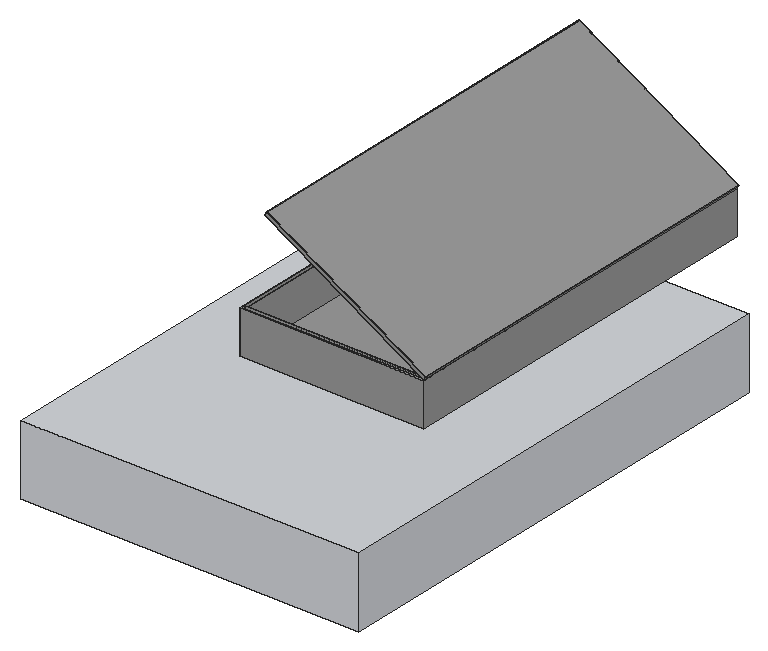
Revit family "Hager-Univers-IP44-D205-H1700-Cl.II-Encl-PL-pl", category Equipement électrique, Revit 2020
Family settings
  Hôte = Face
  Configuration du panneau = Deux colonnes, circuits au sein
  Cote de connecteur circulaire = Utiliser le diamètre
  Type d'élément = Tableau de raccordement
  Couper avec des vides une fois chargée = Non
  Partagée = Non
  Point de calcul de pièce = Non
Parameters (values of type "Montaż natynkowy IP44 S800 W1700 G205  - FP13SN2")
  Width Control [instance] = if([EF000008 - Szerokość] > Min Width, [EF000008 - Szerokość], Min Width)  # 800 mm
  Commentaires du type = [HG000003 - Zakres]  # "Univers"
  Thickness Door [instance] = if([EF009171 - Drzwi/pokrywa z materiału o wysokiej wytrzymałości mechanicznej] > 3 mm, 3 mm, [EF009171 - Drzwi/pokrywa z materiału o wysokiej wytrzymałości mechanicznej])  # 1 mm
  Seal Frame Offset [instance] = 17 mm  # constant formula
  Plinth Visibility [instance] = [HG000027 - Wysokość cokołu] > 0 mm  # no
  Model = ""
  Min Width [instance] = 100 mm  # constant formula
  Min Height [instance] = 100 mm  # constant formula
  Min Depth [instance] = (2 * [EF009170 - Obudowa z materiału o wysokiej wytrzymałości mechanicznej]) + 1 mm  # 3 mm
  Internal Frame Depth [instance] = (Door System Depth * 0.5)  # 9 mm
  Height Control [instance] = if([EF000040 - Wysokość] > Min Height, [EF000040 - Wysokość], Min Height)  # 1700 mm
  HG000027 - Wysokość cokołu = 0 mm
  HG000026 - Stojąca = no
  HG000024 - Wysokość części dolnej = 800 mm
  HG000023 - Obudowa dwusekcyjna = no
  HG000016 - Widoczność drzwi w widoku 3D [instance] = yes
  HG000015 - Przestrzeń robocza - otwarcie drzwi [instance] = no
  HG000014 - Drzwi prawe [instance] = yes
  HG000013 - Drzwi lewe [instance] = not([HG000014 - Drzwi prawe])  # no
  HG000012 - Kąt otwarcia drzwi [instance] = 30.00°
  HG000010 - Drzwi asymetryczne = no
  HG000009 - Drzwi dwuskrzydłowe = no
  HG000006 - Montaż podtynkowy = no
  HG000004 - Referencja producenta = "FP13SN2"
  HG000003 - Zakres = "Univers"
  HG000002 - Z drzwiami lub pokrywą = yes
  Frame Offset Bottom [instance] = 10 mm  # constant formula
  Frame Offset [instance] = 15 mm  # constant formula
  EF015940 - Pokrywa z wyzwalaczem nadciśnieniowym = no
  EF011959 - Stopień ochrony (NEMA) = ""
  EF009554 - Liczba otworów pod flansze = 6
  Fabricant = "Hager"  # constant formula
  EF009212 - Wykonanie pokrywy = "EV000116 - Zamknięty"
  EF009171 - Drzwi/pokrywa z materiału o wysokiej wytrzymałości mechanicznej = 1 mm
  EF009170 - Obudowa z materiału o wysokiej wytrzymałości mechanicznej = 1 mm
  EF008873 - Prąd znamionowy (In) = 400 A
  EF007800 - Do ochrony odgromowej = no
  EF006306 - Z zamkiem = no
  EF006244 - Transparentna pokrywa/drzwi = no
  EF005474 - Stopień ochrony (IP) = "EV006418 - IP44"
  EF004464 - Rodzaj drzwi = "EV002646 - Pojedynczy"
  EF004427 - Liczba modułów = 396
  EF004293 - Odporność udarowa = "EV006815 - IK09"
  EF003532 - Do zastosowań zewnętrznych = no
  EF002950 - Szerokość wyrażona liczbą modułów = 36
  EF001613 - Podtrzymanie funkcji = "EV000494 - Brak"
  EF001596 - Materiał obudowy = "EV000179 - Stal"
  EF001131 - Głębokość wewnętrzna = 143 mm
  EF001088 - Możliwość rozbudowy = yes
  EF000437 - Liczba wejść kablowych = 6
  EF000339 - Rodzaj pokrywy = "EV001012 - Pokrywa"
  EF000266 - Liczba rzędów = 11
  EF000218 - Głębokość wbudowania = 205 mm
  EF000118 - Z płytą montażową = no
  EF000116 - Numer RAL = "9010"
  EF000049 - Głębokość = 205 mm
  EF000040 - Wysokość = 1700 mm
  EF000008 - Szerokość = 800 mm
  EF000007 - Kolor = "EV000202 - Biały"
  EF000003 - Sposób montażu = "EV000384 - Montaż natynkowy"
  Door System Leaf Tolerance [instance] = 1.5 mm  # constant formula
  Door System Depth [instance] = 18 mm  # constant formula
  Door Height [instance] = Height Control - [HG000027 - Wysokość cokołu]  # 1700 mm
  Depth Control [instance] = if([EF000049 - Głębokość] > Min Depth, [EF000049 - Głębokość], Min Depth)  # 205 mm
  Default Elevation = 0 mm
  Connector Offset [instance] = Height Control / 2  # 850 mm
  Bottom Top Plate Trim [instance] = 1.5 mm  # constant formula
  Plinth height Ctrl [instance] = if([HG000027 - Wysokość cokołu] > 0 mm, [HG000027 - Wysokość cokołu], 12 mm)  # 12 mm
Types (5, lengths in mm): name | Width Control | HG000010 - Drzwi asymetryczne | HG000009 - Drzwi dwuskrzydłowe | HG000004 - Referencja producenta | EF009554 - Liczba otworów pod flansze | EF008873 - Prąd znamionowy (In) | EF004464 - Rodzaj drzwi | EF004427 - Liczba modułów | EF002950 - Szerokość wyrażona liczbą modułów | EF000437 - Liczba wejść kablowych | EF000008 - Szerokość
  Montaż natynkowy IP44 S1050 W1700 G205  - FP14SN2 | 1050 | no | yes | "FP14SN2" | 8 | 400 A | "EV003602 - Podwójny" | 528 | 48 | 8 | 1050
  Montaż natynkowy IP44 S1300 W1700 G205  - FP15SN2 | 1300 | yes | yes | "FP15SN2" | 10 | 400 A | "EV003602 - Podwójny" | 660 | 60 | 10 | 1300
  Montaż natynkowy IP44 S300 W1700 G205  - FP11SN2 | 300 | no | no | "FP11SN2" | 2 | 250 A | "EV002646 - Pojedynczy" | 132 | 12 | 2 | 300
  Montaż natynkowy IP44 S550 W1700 G205  - FP12SN2 | 550 | no | no | "FP12SN2" | 4 | 250 A | "EV002646 - Pojedynczy" | 264 | 24 | 4 | 550
  Montaż natynkowy IP44 S800 W1700 G205  - FP13SN2 | 800 | no | no | "FP13SN2" | 6 | 400 A | "EV002646 - Pojedynczy" | 396 | 36 | 6 | 800
Reference planes
  plane 1 "Center (Front/Back)": y = 0
  plane 2: z = 0
  plane 3 "Center (Left/Right)": x = 0
  plane 4: z = 205
  plane 5: y = 1
  plane 6: y = 850
  plane 7: y = 0
  plane 8: y = 1700
  plane 9: z = 0
  plane 10: x = -385
  plane 11: x = 385
  plane 12: x = 384
  plane 13: x = -384
  plane 14: y = 1699
  plane 15: x = -383
  plane 16: x = -400
  plane 17: x = 383
  plane 18: x = 400
  plane 19: x = 399
  plane 20: x = -399
  plane 21: y = 11
  plane 22: y = 1700
  plane 23: y = 1684
  plane 24: z = 187
  plane 25: z = 1
  plane 26: z = 186
  plane 27: z = 204
Forms (mm)
  Extrusion 1, solid
    sketch origin (0, 0, 0) x (1, 0, 0) y (0, 1, 0)
      loop
        line (-702.964, 1305) -> (-702.964, -811.445) -> (766.763, -811.445) -> (766.763, 1305) -> (-702.964, 1305)
    from 0 to -304.8
  Extrusion 2, solid, material "Hager_Steel_RAL7035_Light_Grey", visible <- "Plinth Visibility", detail levels medium+fine
    sketch origin (0, 0, 0) x (1, 0, 0) y (0, 1, 0)
      loop
        line (-400, 0) -> (400, 0) -> (400, 12) -> (-400, 12) -> (-400, 0)
    from 0 to 187
  Extrusion 3, solid, material "Hager_Steel_RAL7035_Light_Grey", detail levels medium+fine
    sketch origin (0, 0, 0) x (1, 0, 0) y (0, 1, 0)
      loop
        line (-400, 0) -> (400, 0) -> (400, 1700) -> (-400, 1700) -> (-400, 0)
    from 0 to 187
  Extrusion 4, void
    sketch origin (0, 0, 0) x (1, 0, 0) y (0, 1, 0)
      loop
        line (-399, 1) -> (399, 1) -> (399, 1699) -> (-399, 1699) -> (-399, 1)
    from 1 to 186
  Extrusion 5, void
    sketch origin (-381.607, -4572, 187) x (0, -1, 0) y (-1, 0, 0)
      loop
        line (-4583, 2.393) -> (-6256, 2.393) -> (-6256, -765.607) -> (-4583, -765.607) -> (-4583, 2.393)
    from 0 to 1 <- "EF009170 - Obudowa z materiału o wysokiej wytrzymałości mechanicznej"
  Extrusion 6, solid, material "Hager_Steel_RAL7035_Light_Grey", detail levels fine
    sketch origin (0, 0, 187) x (1, 0, 0) y (0, 1, 0)
      loop
        line (-384, 1684) -> (-384, 11) -> (384, 11) -> (384, 1684) -> (-384, 1684)
      loop
        line (-385, 10) -> (385, 10) -> (385, 1685) -> (-385, 1685) -> (-385, 10)
    from 0 to 9 <- "Internal Frame Depth"
  Extrusion 7, solid, material "Hager_Steel_RAL7035_Light_Grey", detail levels coarse
    sketch origin (0, 0, 0) x (1, 0, 0) y (0, 1, 0)
      loop
        line (-400, 0) -> (400, 0) -> (400, 1700) -> (-400, 1700) -> (-400, 0)
    from 0 to 205
  Sweep 8, void
    path in 3D
      loop
        line (-400, 12, 0) -> (400, 12, 0) -> (400, 12, 187) -> (-400, 12, 187) -> (-400, 12, 0)
    profile origin (-400, 12, 93.5) x (-1, 0, 0) y (0, -1, 0)
      loop
        line (0, 0) -> (0, 1.5) -> (-1.5, 1.5)
        arc (-1.5, 1.5) -> (-1.061, 0.439) -> (0, 0) r 1.5
Cuts and joins
  Extrusion 4, Extrusion 5 cuts Extrusion 3
  Sweep 8 cuts Extrusion 2
Lines and regions (mm)
  Masking region 1
    outline origin (0, 0, 0) x (1, 0, 0) y (0, 0, 1)
      loop
        line (-400, 205) -> (-400, 0) -> (400, 0) -> (400, 205) -> (-400, 205)
  Masking region 2, detail levels medium+fine
    outline origin (0, 140, 0) x (0, 1, 0) y (0, 0, 1)
      loop
        line (-140, 0) -> (1560, 0) -> (1560, 187) -> (-140, 187) -> (-140, 0)
  Masking region 3, not visible, detail levels medium+fine
    outline origin (0, 297.922, 0) x (0, 1, 0) y (0, 0, 1)
      loop
        line (563.578, 0) -> (603.578, 0) -> (603.578, 194)
        arc (603.578, 194) -> (600.649, 201.071) -> (593.578, 204) r 10
        line (593.578, 204) -> (563.578, 204) -> (563.578, 0)
  Masking region 4, detail levels coarse
    outline origin (0, 0, 180) x (0, 1, 0) y (0, 0, 1)
      loop
        line (0, -180) -> (1700, -180) -> (1700, 25) -> (0, 25) -> (0, -180)
  Masking region 5, visible <- "Plinth Visibility", detail levels medium+fine
    outline origin (0, 52.24, 12.345) x (0, 0, -1) y (0, 1, 0)
      loop
        line (10.845, -40.24) -> (-173.155, -40.24)
        arc (-173.155, -40.24) -> (-173.594, -41.301) -> (-174.655, -41.74) r 1.5
        line (-174.655, -41.74) -> (-174.655, -52.24) -> (12.345, -52.24) -> (12.345, -41.74)
        arc (12.345, -41.74) -> (11.285, -41.301) -> (10.845, -40.24) r 1.5
  Masking region 6, detail levels medium+fine
    outline origin (-381.607, -4572, 187) x (-1, 0, 0) y (0, -1, 0)
      loop
        line (18.393, -6272) -> (18.393, -4572) -> (-781.607, -4572) -> (-781.607, -6272) -> (18.393, -6272)
  Masking region 7, visible <- "Plinth Visibility", detail levels medium+fine
    outline origin (-381.607, -4727, 187) x (-1, 0, 0) y (0, -1, 0)
      loop
        arc (16.893, -4739) -> (17.332, -4737.939) -> (18.393, -4737.5) r 1.5
        line (18.393, -4737.5) -> (18.393, -4727) -> (-781.607, -4727) -> (-781.607, -4737.5)
        arc (-781.607, -4737.5) -> (-780.546, -4737.939) -> (-780.107, -4739) r 1.5
        line (-780.107, -4739) -> (16.893, -4739)
  Masking region 8, detail levels coarse
    outline origin (-442.548, -4669.526, 187) x (-1, 0, 0) y (0, -1, 0)
      loop
        line (-42.548, -6369.526) -> (-42.548, -4669.526) -> (-842.548, -4669.526) -> (-842.548, -6369.526) -> (-42.548, -6369.526)
  sketch lines
    curve 1: line (-400, 12, 187) -> (-400, 12, 0)
    curve 2: line (400, 12, 187) -> (-400, 12, 187)
    curve 3: line (400, 12, 187) -> (400, 12, 0)
    curve 4: line (-400, 12, 0) -> (400, 12, 0)
Dimensions and locks
  "Depth Control": plane 4 to Extrusion 1
  "HG000027 - Wysokość cokołu": plane 1 "Center (Front/Back)" to plane 7
  "EF009170 - Obudowa z materiału o wysokiej wytrzymałości mechanicznej": plane 5 to plane 7
  locked: connector elem to plane 3 "Center (Left/Right)"
  equal spacing: plane 8, plane 6, plane 7
  locked: connector elem to plane 6
  "EF009170 - Obudowa z materiału o wysokiej wytrzymałości mechanicznej": plane 8 to plane 14
  "EF009170 - Obudowa z materiału o wysokiej wytrzymałości mechanicznej": plane 10 to plane 13
  "EF009170 - Obudowa z materiału o wysokiej wytrzymałości mechanicznej": plane 12 to plane 11
  "Frame Offset": plane 20 to plane 13
  "Frame Offset": plane 12 to plane 19
  "EF009170 - Obudowa z materiału o wysokiej wytrzymałości mechanicznej": plane 16 to plane 20
  "EF009170 - Obudowa z materiału o wysokiej wytrzymałości mechanicznej": plane 19 to plane 18
  "Seal Frame Offset": plane 16 to plane 15
  "Seal Frame Offset": plane 17 to plane 18
  "Frame Offset Bottom": plane 21 to plane 5
  "Frame Offset": plane 14 to plane 23
  equal spacing: plane 16, plane 3 "Center (Left/Right)", plane 18
  "Width Control": plane 16 to plane 18
  "EF009170 - Obudowa z materiału o wysokiej wytrzymałości mechanicznej": plane 4 to plane 27
  "EF009170 - Obudowa z materiału o wysokiej wytrzymałości mechanicznej": plane 24 to plane 26
  "EF009170 - Obudowa z materiału o wysokiej wytrzymałości mechanicznej": plane 25 to level
  "Door System Depth": plane 4 to plane 24
  "Height Control": plane 1 "Center (Front/Back)" to Extrusion 7 sketch curve
  "Height Control": Masking region 4 sketch curve to plane 1 "Center (Front/Back)"
  "Height Control": plane 1 "Center (Front/Back)" to plane 22
  "Bottom Top Plate Trim": profile plane to Sweep 8 sketch curve
  "Bottom Top Plate Trim": Sweep 8 sketch curve to profile plane
  "Plinth height Ctrl": plane 1 "Center (Front/Back)" to Extrusion 2 sketch curve
  "Plinth height Ctrl": Masking region 5 sketch curve to plane 1 "Center (Front/Back)"
  "Plinth height Ctrl": plane 1 "Center (Front/Back)" to Masking region 7 sketch curve
  "Thickness Door": Extrusion 6 sketch curve to Extrusion 6 sketch curve  (x3)
  "Thickness Door": cut or joined group of Extrusion 3, Extrusion 4, Extrusion 5 to Extrusion 6 sketch curve
  radius of Masking region 3 sketch curve = 10 mm
  "Bottom Top Plate Trim": radius of Masking region 5 sketch curve  (x2)
  "Bottom Top Plate Trim": radius of Sweep 8 sketch curve
  "Bottom Top Plate Trim": radius of Masking region 7 sketch curve  (x2)
  aligned and locked: plane 2 to Extrusion 1
  aligned and locked: level to Extrusion 1
  aligned and locked: level to Masking region 1 sketch curve
  aligned and locked: Masking region 1 sketch curve to plane 18
  aligned and locked: Masking region 1 sketch curve to plane 16
  aligned and locked: plane 7 to Masking region 2 sketch curve
  aligned and locked: level to Masking region 3 sketch curve
  aligned and locked: Masking region 3 sketch curve to plane 27
  aligned and locked: level to Masking region 2 sketch curve
  aligned and locked: plane 1 "Center (Front/Back)" to Extrusion 2 sketch curve
  aligned and locked: Extrusion 3 sketch curve to plane 7
  aligned and locked: plane 16 to Extrusion 3 sketch curve
  aligned and locked: plane 18 to Extrusion 3 sketch curve
  aligned and locked: plane 20 to Extrusion 4 sketch curve
  aligned and locked: plane 19 to Extrusion 4 sketch curve
  aligned and locked: Extrusion 4 sketch curve to plane 5
  aligned and locked: Extrusion 4 to plane 25
  aligned and locked: plane 26 to Extrusion 4
  aligned and locked: plane 24 to Extrusion 3
  aligned and locked: Extrusion 5 sketch curve to plane 21
  aligned and locked: Extrusion 5 sketch curve to plane 13
  aligned and locked: Extrusion 5 sketch curve to plane 12
  aligned and locked: plane 18 to Extrusion 7 sketch curve
  aligned and locked: plane 1 "Center (Front/Back)" to Extrusion 7 sketch curve
  aligned and locked: plane 16 to Extrusion 7 sketch curve
  aligned and locked: plane 4 to Extrusion 7
  aligned and locked: Extrusion 7 to level
  aligned and locked: level to Masking region 4 sketch curve
  aligned and locked: Masking region 4 sketch curve to plane 1 "Center (Front/Back)"
  aligned and locked: Masking region 4 sketch curve to plane 4
  aligned and locked: nested 1 to level
  aligned and locked: nested 1 to plane 16
  aligned and locked: plane 8 to Extrusion 3 sketch curve
  aligned and locked: plane 23 to Extrusion 5 sketch curve
  aligned and locked: plane 14 to Extrusion 4 sketch curve
  aligned and locked: Masking region 2 sketch curve to plane 8
  aligned and locked: level to Masking region 5 sketch curve
  aligned and locked: plane 16 to Extrusion 2 sketch curve
  aligned and locked: plane 18 to Extrusion 2 sketch curve
  aligned and locked: Masking region 5 sketch curve to plane 24
  aligned and locked: Masking region 2 sketch curve to plane 24
  aligned and locked: plane 24 to Extrusion 2
  aligned and locked: profile plane to Sweep 8 sketch curve  (x2)
  aligned and locked: Masking region 6 sketch curve to plane 18
  aligned and locked: Masking region 6 sketch curve to plane 22
  aligned and locked: Masking region 6 sketch curve to plane 16
  aligned and locked: plane 8 to plane 22
  aligned and locked: Masking region 6 sketch curve to plane 7
  aligned and locked: Masking region 7 sketch curve to plane 16
  aligned and locked: Masking region 7 sketch curve to plane 1 "Center (Front/Back)"
  aligned and locked: Masking region 7 sketch curve to plane 18
  aligned and locked: Masking region 8 sketch curve to plane 1 "Center (Front/Back)"
  aligned and locked: Masking region 8 sketch curve to plane 18
  aligned and locked: Masking region 8 sketch curve to plane 22
  aligned and locked: Masking region 8 sketch curve to plane 16
  aligned and locked: nested 2 to plane 7
  aligned and locked: plane 3 "Center (Left/Right)" to nested 2
  aligned and locked: nested 2 to plane 24
  aligned and locked: Extrusion 6 sketch curve to cut or joined group of Extrusion 3, Extrusion 4, Extrusion 5  (x4)
Automatic sketch dimensions
  Extrusion 1 sketch curve to Extrusion 1 sketch curve = 1469.727 mm
  Extrusion 1 sketch curve to Extrusion 1 sketch curve = 2116.445 mm
  Masking region 1 sketch curve to plane 4 = 0 mm
  plane 6 to Masking region 3 sketch curve = 11.5 mm
  Masking region 3 sketch curve to Masking region 3 sketch curve = 30 mm
  Masking region 5 sketch curve to plane 1 "Center (Front/Back)" = 0 mm
Nested families
  nested 1: "Hager_Enclosure_Symbol" at (-400, 0, 0) x (1, 0, 0) z (0, -1, 0), Height <- "Depth Control", Width <- "Width Control", type "Hager_Enclosure_Symbol"
    with Width_Ctrl 800 mm, Width 800 mm, Height_Ctrl 205 mm, Height 205 mm, A_Width_Int 13.453 mm, A_Width 161.438 mm, A_Height_Ctrl 179.375 mm, A_Height 179.375 mm
  nested 2: "EC000058_Univers_Door" at (0, 0, 187) x (1, 0, 0) z (0, 1, 0), Leaf_Tolerance <- "Door System Leaf Tolerance", Angle <- "HG000012 - Kąt otwarcia drzwi", Door_Depth <- "Door System Depth", Door_Left <- "HG000013 - Drzwi lewe", Transparent <- "EF006244 - Transparentna pokrywa/drzwi", Assymetrical <- "HG000010 - Drzwi asymetryczne", Width <- "Width Control", Clearance <- "HG000015 - Przestrzeń robocza - otwarcie drzwi", Double <- "HG000009 - Drzwi dwuskrzydłowe", 3d_Door <- "HG000016 - Widoczność drzwi w widoku 3D", Lock_Visibility <- "EF006306 - Z zamkiem", Width_Ctrl <- "Width Control", Door_Right <- "HG000014 - Drzwi prawe", Door <- "HG000002 - Z drzwiami lub pokrywą", Height <- "Door Height", Thickness <- "Thickness Door", type "EC000058_Univers_Door", detail levels medium+fine
    with min_wh 3 mm, Width_Ctrl 800 mm, Width 800 mm, Transparent no, Thickness 1 mm, Seal_Material Hager_Rubber, Lock_Visibility no, Lock_Material Hager_Plastic_RAL9005_Jet_Black, Leaf_Width 800 mm, Leaf_Tolerance_External_Sides 0 mm, Leaf_Tolerance 1.5 mm, Leaf_Offset 0 mm, Leaf_Height 1697 mm, Leaf_2_Width 800 mm, Leaf_2_Offset 400 mm, Leaf_1_Width 800 mm, Leaf_1_Offset 400 mm, Height_Ctrl 1700 mm, Height 1700 mm, Glass_Material Hager_Glass, Double_Clearance_Ctrl no, Double no, Door_Right_Ctrl yes, Door_Right yes, Door_Material Hager_Steel_RAL7035_Light_Grey, Door_Left_Ctrl no, Door_Left no, Door_Depth 18 mm, Door yes, Clearance_Material Hager_Clearance, Clearance_Depth 800 mm, Clearance_Ctrl no, Clearance no, Assymetrical no, Angle 30.00°, 3d_Door yes
Connectors
  electrical at (0, 850, 0)
    settings: on plane 9, index 1, voltage 0 V, apparent load 0 VA, apparent load phase1 0 VA, apparent load phase2 0 VA, apparent load phase3 0 VA, power factor 1, load classification "Other", number of poles 1, system type 30, power factor state 1, is connector primary yes, connector utility no, sub classification motor no, connector description ""
Definition of nested family "EC000058_Univers_Door"
  Parameters (values of type "EC000058_Univers_Door")
    min_wh [instance] = (2 * Thickness) + 1 mm  # 11 mm
    Width_Ctrl [instance] = 400 mm
    Width [instance] = 500 mm
    Transparent [instance] = yes
    Thickness [instance] = 5 mm
    Seal_Material [instance] = none
    Lock_Visibility [instance] = yes
    Lock_Material [instance] = none
    Leaf_Width [instance] = if((Width_Ctrl - 2 * Leaf_Tolerance_External_Sides) > 0 mm, (Width_Ctrl - 2 * Leaf_Tolerance_External_Sides), min_wh)  # 400 mm
    Leaf_Tolerance_External_Sides [instance] = 0 mm  # constant formula
    Leaf_Tolerance [instance] = 1.5 mm
    Leaf_Offset [instance] = 0 mm  # constant formula
    Leaf_Height [instance] = if((Height_Ctrl - 2 * Leaf_Tolerance) > 0 mm, (Height_Ctrl - 2 * Leaf_Tolerance), min_wh)  # 497 mm
    Leaf_2_Width [instance] = if(and(and(Double, Assymetrical), Door_Left), (Leaf_Width / 3) - (Leaf_Tolerance / 2), if(and(and(Double, Assymetrical), Door_Right), (Leaf_Width / 3) * 2 - (Leaf_Tolerance / 2), if(and(Double, not(Assymetrical)), (Leaf_Width / 2) - Leaf_Tolerance, Leaf_Width)))  # 400 mm
    Leaf_2_Offset [instance] = if(and(Double, Assymetrical), Leaf_2_Width / 2, if(and(Double, not(Assymetrical)), Leaf_Width / 4, Leaf_Width / 2))  # 200 mm
    Leaf_1_Width [instance] = if(and(and(Double, Assymetrical), Door_Right), (Leaf_Width / 3) - (Leaf_Tolerance / 2), if(and(and(Double, Assymetrical), Door_Left), (Width / 3) * 2 - (Leaf_Tolerance / 2), if(and(Double, not(Assymetrical)), (Leaf_Width / 2) - Leaf_Tolerance, Leaf_Width)))  # 400 mm
    Leaf_1_Offset [instance] = if(and(Double, Assymetrical), Leaf_1_Width / 2, if(and(Double, not(Assymetrical)), Leaf_Width / 4, Leaf_Width / 2))  # 200 mm
    Height_Ctrl [instance] = if(Height > min_wh, Height, min_wh)  # 500 mm
    Height [instance] = 500 mm
    Glass_Material [instance] = none
    Double_Clearance_Ctrl [instance] = and(Double, Clearance)  # no
    Double [instance] = no
    Door_Right_Ctrl [instance] = and(or(Door_Right, Double), Door)  # yes
    Door_Right [instance] = yes
    Door_Material [instance] = none
    Door_Left_Ctrl [instance] = and(or(Door_Left, Double), Door)  # no
    Door_Left [instance] = no
    Door_Depth [instance] = 30 mm
    Door [instance] = yes
    Default Elevation = 1219.2 mm
    Clearance_Material [instance] = none
    Clearance_Depth [instance] = if(Leaf_1_Width > Leaf_2_Width, Leaf_1_Width, Leaf_2_Width)  # 400 mm
    Clearance_Ctrl [instance] = and(not(Double), Clearance)  # yes
    Clearance [instance] = yes
    Assymetrical [instance] = yes
    Angle [instance] = 30.00°
    3d_Door [instance] = yes
  Reference planes
    plane 1 "Center (Front/Back)": y = 0
    plane 2 "Bottom": z = 0
    plane 3 "Center (Left/Right)": x = 0
    plane 4: z = 500
    plane 5: x = -200
    plane 6: x = 200
    plane 7: z = 500
    plane 8: x = -200
    plane 9: z = 0
    plane 10: x = 200
    plane 11: y = 0
    plane 12: z = 1.5
    plane 13: x = -600
    plane 14: y = -400
    plane 15: x = 600
    plane 16: x = 0
    plane 17: x = 0
    plane 18: x = -200
    plane 19: x = 200
    plane 20: z = 498.5
  Forms (mm)
    Extrusion 1, solid, material <- "Clearance_Material", visible <- "Double_Clearance_Ctrl"
      sketch origin (1200, 0, 0) x (1, 0, 0) y (0, 0, -1)
        loop
          line (-1800, -498.5) -> (-600, -498.5) -> (-600, 0) -> (-1800, 0) -> (-1800, -498.5)
      from 0 to -400
  Dimensions and locks
    equal spacing: plane 5, plane 3 "Center (Left/Right)", plane 6
    "Width_Ctrl": plane 5 to plane 6
    "Leaf_Offset": plane 5 to plane 8
    "Leaf_Offset": plane 6 to plane 10
    "Leaf_Offset": plane 9 to level
    "Leaf_Offset": plane 4 to plane 7
    "Height_Ctrl": plane 4 to level
    "Leaf_Tolerance": plane 12 to plane 9
    locked: plane 11 to plane 1 "Center (Front/Back)"
    "Leaf_1_Offset": plane 18 to plane 16
    "Leaf_2_Offset": plane 17 to plane 19
    "Leaf_1_Width": plane 13 to plane 8
    "Leaf_2_Width": plane 10 to plane 15
    "Clearance_Depth": plane 14 to plane 1 "Center (Front/Back)"
    "Leaf_Tolerance_External_Sides": plane 8 to plane 18
    "Leaf_Tolerance_External_Sides": plane 19 to plane 10
    "Leaf_Tolerance": plane 7 to plane 20
    aligned and locked: level to plane 2 "Bottom"
    aligned and locked: nested 1 to plane 16
    aligned and locked: nested 2 to plane 17
    aligned and locked: Extrusion 1 to plane 13
    aligned and locked: plane 15 to Extrusion 1
    aligned and locked: Extrusion 1 to plane 14
    aligned and locked: plane 12 to nested 1
    aligned and locked: nested 2 to plane 12
    aligned and locked: Extrusion 1 to plane 11
    aligned and locked: plane 20 to Extrusion 1
    aligned and locked: nested 2 to plane 11
    aligned and locked: nested 1 to plane 11
  Automatic sketch dimensions
    Extrusion 1 sketch curve to level = 0 mm
    plane 5 to Extrusion 1 sketch curve = 400 mm
    plane 6 to Extrusion 1 sketch curve = 400 mm
    Extrusion 1 sketch curve to plane 4 = 1.5 mm
  Nested families
    nested 1: "EC000058_Univers_Door_Leaf" at (0, 0, 1.5), Width <- "Leaf_1_Width", visible <- "Door_Left_Ctrl", Leaf_Height <- "Leaf_Height", Angle <- "Angle", 3d_Door <- "3d_Door", Transparent <- "Transparent", Clearance Material <- "Clearance_Material", Clearance <- "Clearance_Ctrl", Door_Material <- "Door_Material", Glass_Material <- "Glass_Material", Door_Depth <- "Door_Depth", Lock_Material <- "Lock_Material", Seal_Material <- "Seal_Material", Lock_Visibility <- "Lock_Visibility", Thickness <- "Thickness", type "EC000058_Univers_Door_Leaf"
      with Width 400 mm, Transparent_Glass_Offset 30 mm, Transparent_Ctrl yes, Transparent yes, Thickness 5 mm, Standard no, Seal_Material none, Seal_D2 8 mm, Seal_D1 1 mm, Offset_Internal_Frame 10 mm, Lock_Width 20 mm, Lock_Visibility_3d yes, Lock_Visibility yes, Lock_Thickness_3 3 mm, Lock_Thickness_2 1 mm, Lock_Thickness_1 3 mm, Lock_Radius_Offset_2 16 mm, Lock_Radius_Offset_1 15 mm, Lock_Radius_2 5 mm, Lock_Radius 6 mm, Lock_Offset 5 mm, Lock_Material none, Lock_Height 80 mm, Lock_Cover_Top_Offset_2d 17 mm, Lock_Cover_Height -65 mm, Leaf_Height 497 mm, Internal_Seal_Thickness 8 mm, Internal_Seal_Depth_2 4.5 mm, Internal_Frame_Depth 25 mm, Glass_Thickness -1 mm, Glass_Offset -2 mm, Glass_Material none, Door_Material none, Door_Depth 30 mm, Clearance Material none, Clearance yes, Angle_Ctrl 30.00°, Angle 30.00°, 3d_Door yes
    nested 2: "EC000058_Univers_Door_Leaf" at (0, 0, 1.5) x (-1, 0, 0) z (0, 0, 1), Width <- "Leaf_2_Width", visible <- "Door_Right_Ctrl", Leaf_Height <- "Leaf_Height", Angle <- "Angle", 3d_Door <- "3d_Door", Transparent <- "Transparent", Clearance Material <- "Clearance_Material", Clearance <- "Clearance_Ctrl", Door_Material <- "Door_Material", Glass_Material <- "Glass_Material", Door_Depth <- "Door_Depth", Lock_Material <- "Lock_Material", Seal_Material <- "Seal_Material", Lock_Visibility <- "Lock_Visibility", Thickness <- "Thickness", type "EC000058_Univers_Door_Leaf"
      with Width 400 mm, Transparent_Glass_Offset 30 mm, Transparent_Ctrl yes, Transparent yes, Thickness 5 mm, Standard no, Seal_Material none, Seal_D2 8 mm, Seal_D1 1 mm, Offset_Internal_Frame 10 mm, Lock_Width 20 mm, Lock_Visibility_3d yes, Lock_Visibility yes, Lock_Thickness_3 3 mm, Lock_Thickness_2 1 mm, Lock_Thickness_1 3 mm, Lock_Radius_Offset_2 16 mm, Lock_Radius_Offset_1 15 mm, Lock_Radius_2 5 mm, Lock_Radius 6 mm, Lock_Offset 5 mm, Lock_Material none, Lock_Height 80 mm, Lock_Cover_Top_Offset_2d 17 mm, Lock_Cover_Height -65 mm, Leaf_Height 497 mm, Internal_Seal_Thickness 8 mm, Internal_Seal_Depth_2 4.5 mm, Internal_Frame_Depth 25 mm, Glass_Thickness -1 mm, Glass_Offset -2 mm, Glass_Material none, Door_Material none, Door_Depth 30 mm, Clearance Material none, Clearance yes, Angle_Ctrl 30.00°, Angle 30.00°, 3d_Door yes
  Definition of nested family "EC000058_Univers_Door_Leaf"
    Parameters (values of type "EC000058_Univers_Door_Leaf")
      Width [instance] = 2000 mm
      Transparent_Glass_Offset [instance] = 30 mm
      Transparent_Ctrl [instance] = and(Transparent, [3d_Door])  # yes
      Transparent [instance] = yes
      Thickness [instance] = 5 mm
      Standard [instance] = and(not(Transparent), [3d_Door])  # no
      Seal_Material [instance] = none
      Seal_D2 [instance] = 8 mm  # constant formula
      Seal_D1 [instance] = 1 mm  # constant formula
      Offset_Internal_Frame [instance] = 10 mm  # constant formula
      Lock_Width [instance] = 20 mm  # constant formula
      Lock_Visibility_3d [instance] = and(Lock_Visibility, [3d_Door])  # yes
      Lock_Visibility [instance] = yes
      Lock_Thickness_3 [instance] = 3 mm  # constant formula
      Lock_Thickness_2 [instance] = 1 mm  # constant formula
      Lock_Thickness_1 [instance] = 3 mm  # constant formula
      Lock_Radius_Offset_2 [instance] = Lock_Radius_Offset_1 + 1 mm  # 16 mm
      Lock_Radius_Offset_1 [instance] = 15 mm  # constant formula
      Lock_Radius_2 [instance] = Lock_Radius - 1 mm  # 5 mm
      Lock_Radius [instance] = 6 mm  # constant formula
      Lock_Offset [instance] = 5 mm  # constant formula
      Lock_Material [instance] = none
      Lock_Height [instance] = 80 mm  # constant formula
      Lock_Cover_Top_Offset_2d [instance] = Lock_Radius_Offset_2 + 1 mm  # 17 mm
      Lock_Cover_Height [instance] = -(Lock_Height - Lock_Radius_Offset_1)  # -65 mm
      Leaf_Height [instance] = 2720.336 mm
      Internal_Seal_Thickness [instance] = 8 mm  # constant formula
      Internal_Seal_Depth_2 [instance] = 4.5 mm  # constant formula
      Internal_Frame_Depth [instance] = if(Door_Depth - Thickness > 5 mm, Door_Depth - Thickness, 5 mm)  # 25 mm
      Glass_Thickness [instance] = if(Thickness > 15 mm, Glass_Offset + 10 mm, -1 mm)  # -1 mm
      Glass_Offset [instance] = if(Thickness > 15 mm, -(Thickness + 10 mm) / 2, -2 mm)  # -2 mm
      Glass_Material [instance] = none
      Door_Material [instance] = none
      Door_Depth [instance] = 30 mm
      Default Elevation = 0 mm
      Clearance Material [instance] = none
      Clearance [instance] = yes
      Angle_Ctrl [instance] = if(Angle > 180.00°, 180.00°, Angle)  # 90.00°
      Angle [instance] = 90.00°
      3d_Door [instance] = yes
    Reference planes
      plane 1 "Center (Front/Back)": y = 0
      plane 2: z = 0
      plane 3 "Center (Left/Right)": x = 0
      plane 4: y = 2000
      plane 5: x = -1000
      plane 6: x = 1000
      plane 7: x = -3000
      plane 8: z = 2720.336
      plane 9: z = 30
      plane 10: z = 2690.336
      plane 11: x = 970
      plane 12: x = -970
      plane 13: y = -3
      plane 14: z = 107.833
      plane 15: y = -5
      plane 16: y = -223.314
      plane 17: x = -1000
      plane 18: z = 1360.168
      plane 19: y = 30
    Forms (mm)
      Extrusion 1, solid, material <- "Clearance Material", visible <- "Clearance"
        sketch origin (0, 0, 0) x (1, 0, 0) y (0, 0, 1)
          loop
            line (-3000, 2720.336) -> (-3000, 0) -> (1000, 0) -> (1000, 2720.336) -> (-3000, 2720.336)
        from 0 to -2000
      Extrusion 2, solid, material <- "Door_Material", visible <- "Standard", detail levels medium+fine
        sketch origin (-1000, 0, 0) x (0, 1, 0) y (-1, 0, 0)
          loop
            line (0, 30) -> (0, 25) -> (2000, 25) -> (2000, 30) -> (0, 30)
        from 0 to 2720.336 <- "Leaf_Height"
      Extrusion 3, solid, material <- "Door_Material", visible <- "Transparent_Ctrl", detail levels medium+fine
        sketch origin (-1000, 0, 0) x (0, 1, 0) y (-1, 0, 0)
          loop
            line (0, 25) -> (2000, 25) -> (2000, 30) -> (0, 30) -> (0, 25)
        from 0 to 2720.336 <- "Leaf_Height"
      Extrusion 4, void
        sketch origin (-1025, 2000, 0) x (0, 1, 0) y (0, 0, -1)
          loop
            line (-30, -2690.336) -> (-30, -30) -> (-1970, -30) -> (-1970, -2690.336) -> (-30, -2690.336)
        from 0 to 5 <- "Thickness"
      Sweep 5, solid, material <- "Seal_Material", visible <- "Transparent_Ctrl", detail levels fine
        path in 3D
          loop
            line (-1025, 30, 30) -> (-1025, 30, 2690.336) -> (-1025, 1970, 2690.336) -> (-1025, 1970, 30) -> (-1025, 30, 30)
        profile origin (-1025, 1000, 30) x (1, 0, 0) y (0, 0, 1)
          loop
            line (0, 0) -> (0, -8) -> (1, -8) -> (1, 0) -> (0, 0)
      Extrusion 6, solid, material <- "Glass_Material", visible <- "Transparent_Ctrl", detail levels medium+fine
        sketch origin (-1030, 0, 0) x (0, 1, 0) y (0, 0, -1)
          loop
            line (1970, -2690.336) -> (1970, -30) -> (30, -30) -> (30, -2690.336) -> (1970, -2690.336)
        from -2 <- "Glass_Offset" to -1 <- "Glass_Thickness"
      Extrusion 7, solid, material <- "Door_Material", visible <- "3d_Door", detail levels medium+fine
        sketch origin (-1025, 2000, 0) x (0, -1, 0) y (0, 0, -1)
          loop
            line (0, -2720.336) -> (2000, -2720.336) -> (2000, 0) -> (0, 0) -> (0, -2720.336)
          loop
            line (1995, -5) -> (5, -5) -> (5, -2715.336) -> (1995, -2715.336) -> (1995, -5)
        from 0 to 25 <- "Internal_Frame_Depth"
      Sweep 8, solid, material <- "Seal_Material", visible <- "Transparent_Ctrl", detail levels fine
        path in 3D
          loop
            line (-1025, 0, 0) -> (-1025, 2000, 0) -> (-1025, 2000, 2720.336) -> (-1025, 0, 2720.336) -> (-1025, 0, 0)
        profile origin (-1025, 0, 1360.168) x (1, 0, 0) y (0, 1, 0)
          loop
            line (0, 10) -> (2.975, 10)
            arc (2.975, 10) -> (4.053, 10.447) -> (4.5, 11.525) r 1.525
            line (4.5, 11.525) -> (4.5, 16.527)
            arc (4.5, 16.527) -> (4.069, 17.569) -> (3.027, 18) r 1.473
            line (3.027, 18) -> (0, 18) -> (0, 10)
      Extrusion 9, solid, material <- "Lock_Material", visible <- "Lock_Visibility_3d", detail levels fine
        sketch origin (-1030, 0, 0) x (0, 1, 0) y (0, 0, -1)
          loop
            arc (1993.5, -1400.168) -> (1994.561, -1399.729) -> (1995, -1398.668) r 1.5
            line (1995, -1398.668) -> (1995, -1320.168) -> (1975, -1320.168) -> (1975, -1398.668)
            arc (1975, -1398.668) -> (1975.439, -1399.729) -> (1976.5, -1400.168) r 1.5
            line (1976.5, -1400.168) -> (1993.5, -1400.168)
        from 3 <- "Lock_Thickness_1" to 0
      Blend 10, solid, material <- "Lock_Material", visible <- "Lock_Visibility_3d", detail levels fine
        base sketch origin (-1033, 0, 0) x (0, 1, 0) y (0, 0, -1)
          loop
            line (1975, -1320.168) -> (1975, -1398.668)
            arc (1975, -1398.668) -> (1975.439, -1399.729) -> (1976.5, -1400.168) r 1.5
            line (1976.5, -1400.168) -> (1993.5, -1400.168)
            arc (1993.5, -1400.168) -> (1994.561, -1399.729) -> (1995, -1398.668) r 1.5
            line (1995, -1398.668) -> (1995, -1320.168) -> (1975, -1320.168)
        top sketch origin (-1033, 0, 0) x (0, 1, 0) y (0, 0, -1)
          loop
            line (1976, -1320.168) -> (1976, -1398.668)
            arc (1976, -1398.668) -> (1976.146, -1399.022) -> (1976.5, -1399.168) r 0.5
            line (1976.5, -1399.168) -> (1993.5, -1399.168)
            arc (1993.5, -1399.168) -> (1993.854, -1399.022) -> (1994, -1398.668) r 0.5
            line (1994, -1398.668) -> (1994, -1320.168) -> (1976, -1320.168)
        from 0 to 1 <- "Lock_Thickness_2"
      Blend 11, solid, material <- "Lock_Material", visible <- "Lock_Visibility_3d", detail levels fine
        base sketch origin (-1034, 0, 0) x (0, 1, 0) y (0, 0, -1)
          loop
            line (1978, -1320.168) -> (1978, -1384.168)
            arc (1978, -1384.168) -> (1985, -1391.168) -> (1992, -1384.168) r 7
            line (1992, -1384.168) -> (1992, -1320.168) -> (1978, -1320.168)
        top sketch origin (-1034, 0, 0) x (0, 1, 0) y (0, 0, -1)
          loop
            line (1991, -1320.168) -> (1979, -1320.168) -> (1979, -1383.168)
            arc (1979, -1383.168) -> (1985, -1389.168) -> (1991, -1383.168) r 6
            line (1991, -1383.168) -> (1991, -1320.168)
        from 0 to 3 <- "Lock_Thickness_3"
      Extrusion 12, solid, material <- "Lock_Material", visible <- "Lock_Visibility_3d", detail levels fine
        sketch origin (-1030, 1975, 1320.168) x (1, 0, 0) y (0, -1, 0)
          loop
            line (-7, -19) -> (-7, -1) -> (0, -1) -> (0, 0) -> (-8, 0) -> (-8, -20) -> (0, -20) -> (0, -19) -> (-7, -19)
        from 0 to -65 <- "Lock_Cover_Height"
      Extrusion 13, void
        sketch origin (-1038, 1995, 1320.168) x (-1, 0, 0) y (0, 0, -1)
          loop
            line (-5, -65) -> (0, -65) -> (-5, -60) -> (-5, -65)
        from 0 to 20 <- "Lock_Width"
      Extrusion 14, void
        sketch origin (-1038, 1975, 1320.168) x (0, -1, 0) y (0, 0, -1)
          loop
            circle (-10, -15.995) r 6
          loop
            circle (-10, -15.995) r 5
        from 0 to 2
      Extrusion 15, solid, material <- "Lock_Material", visible <- "Lock_Visibility_3d", detail levels medium
        sketch origin (-1030, 0, 0) x (0, 1, 0) y (0, 0, -1)
          loop
            arc (1993.5, -1400.168) -> (1994.561, -1399.729) -> (1995, -1398.668) r 1.5
            line (1995, -1398.668) -> (1995, -1320.168) -> (1975, -1320.168) -> (1975, -1398.668)
            arc (1975, -1398.668) -> (1975.439, -1399.729) -> (1976.5, -1400.168) r 1.5
            line (1976.5, -1400.168) -> (1993.5, -1400.168)
        from 8 to 0
    Cuts and joins
      Extrusion 4 cuts Extrusion 3
      Extrusion 13, Extrusion 14 cuts Extrusion 9
      Extrusion 14 cuts Blend 11
      Extrusion 13, Extrusion 14 cuts Extrusion 12
      joined: Extrusion 9, Blend 10, Blend 11, Extrusion 12
      Extrusion 14 cuts Extrusion 15
    Lines and regions (mm)
      Masking region 1, visible <- "Lock_Visibility", detail levels fine
        outline origin (0, 0, 0) x (0, 1, 0) y (0, 0, 1)
          loop
            line (30, 1320.168) -> (33, 1320.168) -> (33, 1400.168) -> (30, 1400.168) -> (30, 1320.168)
      Masking region 2, visible <- "Lock_Visibility", detail levels fine
        outline origin (0, 3.143, 0) x (0, 1, 0) y (0, 0, 1)
          loop
            line (29.857, 1354.168) -> (30.857, 1354.168) -> (30.857, 1366.168) -> (29.857, 1366.168) -> (29.857, 1354.168)
      Masking region 3, detail levels medium+fine
        outline origin (0, 0, 0) x (0, 1, 0) y (0, 0, 1)
          loop
            line (0, 0) -> (30, 0) -> (30, 2720.336) -> (0, 2720.336) -> (0, 0)
      Masking region 4, detail levels medium+fine
        outline origin (0, 0, 0) x (1, 0, 0) y (0, 0, 1)
          loop
            line (-1000, 2720.336) -> (-1000, 0) -> (1000, 0) -> (1000, 2720.336) -> (-1000, 2720.336)
      Masking region 5, visible <- "Lock_Visibility", detail levels fine
        outline origin (-47.116, 0, 0) x (1, 0, 0) y (0, 0, 1)
          loop
            arc (1024.616, 1399.168) -> (1023.556, 1398.729) -> (1023.116, 1397.668) r 1.5
            line (1023.116, 1397.668) -> (1023.116, 1320.168) -> (1041.116, 1320.168) -> (1041.116, 1397.668)
            arc (1041.116, 1397.668) -> (1040.677, 1398.729) -> (1039.616, 1399.168) r 1.5
            line (1039.616, 1399.168) -> (1024.616, 1399.168)
      Masking region 6, visible <- "Lock_Visibility", detail levels medium+fine
        outline origin (-25, 0, 0) x (1, 0, 0) y (0, 0, 1)
          loop
            arc (1001.5, 1400.168) -> (1000.439, 1399.729) -> (1000, 1398.668) r 1.5
            line (1000, 1398.668) -> (1000, 1320.168) -> (1020, 1320.168) -> (1020, 1398.668)
            arc (1020, 1398.668) -> (1019.561, 1399.729) -> (1018.5, 1400.168) r 1.5
            line (1018.5, 1400.168) -> (1001.5, 1400.168)
      Masking region 7, visible <- "Lock_Visibility", detail levels fine
        outline origin (-73.735, 0, 0) x (1, 0, 0) y (0, 0, 1)
          loop
            line (1051.735, 1382.168) -> (1065.735, 1382.168) -> (1065.735, 1384.168)
            arc (1065.735, 1384.168) -> (1058.735, 1391.168) -> (1051.735, 1384.168) r 7
            line (1051.735, 1384.168) -> (1051.735, 1382.168)
      Masking region 8, visible <- "Lock_Visibility", detail levels fine
        outline origin (-73.735, 0, 0) x (1, 0, 0) y (0, 0, 1)
          loop
            line (1052.735, 1382.168) -> (1064.735, 1382.168) -> (1064.735, 1383.168)
            arc (1064.735, 1383.168) -> (1058.735, 1389.168) -> (1052.735, 1383.168) r 6
            line (1052.735, 1383.168) -> (1052.735, 1382.168)
      Masking region 9, visible <- "Lock_Visibility", detail levels fine
        outline origin (-25, 0, 0) x (1, 0, 0) y (0, 0, 1)
          loop
            line (1020, 1320.168) -> (1020, 1382.168) -> (1000, 1382.168) -> (1000, 1320.168) -> (1020, 1320.168)
      Masking region 10, detail levels medium+fine
        outline origin (0, 0, 0) x (1, 0, 0) y (0, 0, 1)
          loop
            circle (985, 1335.144) r 6
      Masking region 11, detail levels fine
        outline origin (0, 0, 0) x (1, 0, 0) y (0, 0, 1)
          loop
            circle (985, 1335.144) r 5
      Masking region 12, visible <- "Lock_Visibility", detail levels fine
        outline origin (0, 12.767, 0) x (0, 1, 0) y (0, 0, 1)
          loop
            line (20.233, 1320.168) -> (21.233, 1320.168) -> (21.233, 1399.168) -> (20.233, 1400.168) -> (20.233, 1320.168)
      Masking region 13, visible <- "Lock_Visibility", detail levels fine
        outline origin (0, 13.767, -10) x (0, 1, 0) y (0, 0, 1)
          loop
            line (20.233, 1330.168) -> (23.233, 1330.168) -> (23.233, 1399.168) -> (20.233, 1402.168) -> (20.233, 1330.168)
      Masking region 14, visible <- "Lock_Visibility", detail levels fine
        outline origin (0, 12.767, -10) x (0, 1, 0) y (0, 0, 1)
          loop
            line (20.233, 1330.168) -> (25.233, 1330.168) -> (25.233, 1399.305) -> (20.233, 1394.305) -> (20.233, 1330.168)
      Masking region 15, visible <- "Lock_Visibility", detail levels medium
        outline origin (0, 0, 0) x (0, 1, 0) y (0, 0, 1)
          loop
            line (30, 1320.168) -> (38, 1320.168) -> (38, 1400.168) -> (30, 1400.168) -> (30, 1320.168)
      Masking region 16, visible <- "Lock_Visibility", detail levels fine
        outline origin (-1000, 0, 0) x (0, 1, 0) y (-1, 0, 0)
          loop
            line (1975, 30) -> (1995, 30) -> (1995, 38) -> (1975, 38) -> (1975, 30)
          loop
            line (1979, 37) -> (1976, 37) -> (1976, 34) -> (1978, 34) -> (1979, 37)
          loop
            line (1994, 37) -> (1991, 37) -> (1992, 34) -> (1994, 34) -> (1994, 37)
      Masking region 17, visible <- "Lock_Visibility", detail levels medium
        outline origin (-1000, 0, 0) x (0, 1, 0) y (-1, 0, 0)
          loop
            line (1975, 30) -> (1995, 30) -> (1995, 38) -> (1975, 38) -> (1975, 30)
      symbolic lines
        curve 1: line (1000, 0, 0) -> (-3000, 0, 0)
        curve 2: arc (1000, 0, 0) -> (-1000, 2000, 0) -> (-3000, 0, 0) r 2000
        curve 4: line (-1030, 0, 0) -> (-1030, 2000, 0)
      reference lines
        curve 3: line (-1000, 0, 0) -> (-1000, 2000, 0)
      symbolic lines, detail levels medium+fine
        curve 5: line (-1030, 2000, 0) -> (-1025, 2000, 0)
        curve 7: line (-1025, 0, 0) -> (-1030, 0, 0)
        curve 8: line (-1025, 0, 0) -> (-1000, 0, 0)
        curve 9: line (-1000, 0, 0) -> (-1000, 2000, 0)
        curve 10: line (-1000, 2000, 0) -> (-1025, 2000, 0)
      symbolic lines, detail levels fine
        curve 6: line (-1025, 2000, 0) -> (-1025, 0, 0)
      sketch lines
        curve 11: line (-1025, 0, 2720.336) -> (-1025, 0, 0)
        curve 12: line (-1025, 2000, 0) -> (-1025, 0, 0)
        curve 13: line (-1025, 2000, 2720.336) -> (-1025, 2000, 0)
        curve 14: line (-1025, 0, 2720.336) -> (-1025, 2000, 2720.336)
        curve 15: line (-1025, 1970, 30) -> (-1025, 30, 30)
        curve 16: line (-1025, 30, 30) -> (-1025, 30, 2690.336)
        curve 17: line (-1025, 1970, 2690.336) -> (-1025, 1970, 30)
        curve 18: line (-1025, 30, 2690.336) -> (-1025, 1970, 2690.336)
      symbolic lines, visible <- "Transparent", detail levels medium+fine
        curve 19: line (-970, 0, 2690.336) -> (970, 0, 2690.336)
        curve 20: line (-970, 0, 30) -> (-970, 0, 2690.336)
        curve 21: line (970, 0, 30) -> (-970, 0, 30)
        curve 22: line (970, 0, 2690.336) -> (970, 0, 30)
    Dimensions and locks
      "Width": plane 1 "Center (Front/Back)" to plane 4
      equal spacing: plane 5, plane 3 "Center (Left/Right)", plane 6
      "Width": plane 5 to plane 6
      "Width": plane 7 to plane 5
      "Leaf_Height": plane 8 to level
      "Width": curve 5 to curve 3
      "Width": curve 3 to curve 3
      plane 8 to plane 10 = 30 mm
      plane 9 to level = 30 mm
      plane 12 to plane 5 = 30 mm
      plane 6 to plane 11 = 30 mm
      Extrusion 1 to Extrusion 4 sketch curve = 30 mm
      "Transparent_Glass_Offset": curve 3 to Extrusion 4 sketch curve
      "Transparent_Glass_Offset": Extrusion 4 sketch curve to cut or joined group of Extrusion 3, Extrusion 4  (x2)
      cut or joined group of Extrusion 3, Extrusion 4 to Extrusion 6 sketch curve = 30 mm
      "Transparent_Glass_Offset": cut or joined group of Extrusion 3, Extrusion 4 to Extrusion 4 sketch curve
      "Thickness": curve 6 to curve 4
      "Thickness": Extrusion 7 sketch curve to Extrusion 7 sketch curve  (x4)
      "Door_Depth": curve 4 to curve 3
      "Offset_Internal_Frame": profile plane to Sweep 8 sketch curve
      "Internal_Seal_Thickness": Sweep 8 sketch curve to Sweep 8 sketch curve
      "Internal_Seal_Depth_2": profile plane to Sweep 8 sketch curve
      "Seal_D1": profile plane to Sweep 5 sketch curve
      "Seal_D2": profile plane to Sweep 5 sketch curve
      "Thickness": Extrusion 2 sketch curve to Extrusion 2 sketch curve
      equal spacing: Extrusion 9 sketch curve, plane 18, Extrusion 9 sketch curve  (x2)
      equal spacing: Masking region 1 sketch curve, plane 18, Masking region 1 sketch curve
      "Lock_Height": Masking region 1 sketch curve to Masking region 1 sketch curve
      "Lock_Radius": Masking region 2 sketch curve to plane 18 to Masking region 2 sketch curve
      Masking region 2 sketch curve to Masking region 1 = 1 mm
      "Door_Depth": plane 19 to plane 1 "Center (Front/Back)"
      "Lock_Thickness_1": Masking region 1 sketch curve to plane 19
      "Lock_Width": Extrusion 9 sketch curve to Extrusion 9 sketch curve
      "Lock_Height": Extrusion 9 sketch curve to Extrusion 9 sketch curve
      "Lock_Offset": cut or joined group of Extrusion 3, Extrusion 4 to Extrusion 9 sketch curve
      equal spacing: plane 8, plane 18, level
      "Lock_Radius_Offset_1": Blend 11 sketch curve to Blend 10
      locked: Blend 10 to Blend 11 sketch curve at 2  (x2)
      locked: var sketch to Blend 11 sketch curve at 1  (x2)
      "Lock_Radius_Offset_2": Blend 11 sketch curve to Blend 10
      locked: Extrusion 12 sketch curve to Extrusion 12 sketch curve at 1  (x3)
      Masking region 6 sketch curve to Masking region 6 sketch curve = 80 mm
      "Lock_Height": Masking region 6 sketch curve to Masking region 6 sketch curve
      "Lock_Width": Masking region 6 sketch curve to Masking region 6 sketch curve
      locked: Masking region 6 to Masking region 5 sketch curve at 1  (x3)
      locked: Masking region 5 to Masking region 7 sketch curve at 2  (x2)
      "Lock_Radius_Offset_1": Masking region 5 to Masking region 7 sketch curve
      "Lock_Radius_Offset_2": Masking region 5 to Masking region 8 sketch curve
      locked: Masking region 7 to Masking region 8 sketch curve at 1  (x2)
      "Lock_Cover_Top_Offset_2d": Masking region 5 to Masking region 9 sketch curve
      equal spacing: Masking region 9, Masking region 10 sketch curve, Masking region 9
      equal spacing: Masking region 9, Masking region 11 sketch curve, Masking region 9
      Extrusion 15 sketch curve to Extrusion 15 sketch curve = 80 mm
      "Lock_Width": Extrusion 15 sketch curve to Extrusion 15 sketch curve
      "Lock_Height": Extrusion 15 sketch curve to Extrusion 15 sketch curve
      equal spacing: Extrusion 15 sketch curve, plane 18, Extrusion 15 sketch curve
      "Lock_Thickness_3": Masking region 13 sketch curve to Masking region 13 sketch curve
      "Lock_Height": Masking region 12 sketch curve to Masking region 12 sketch curve
      locked: Masking region 13 sketch curve to Masking region 1 at 8
      locked: Masking region 14 sketch curve to Masking region 13 at 1
      locked: Masking region 14 sketch curve to Masking region 1 at 10.863
      "Lock_Height": Masking region 15 sketch curve to Masking region 15 sketch curve
      "Lock_Offset": Extrusion 15 sketch curve to cut or joined group of Extrusion 3, Extrusion 4
      "Lock_Offset": plane 6 to Masking region 6 sketch curve
      radius of Sweep 8 sketch curve = 1.525 mm
      radius of Sweep 8 sketch curve = 1.473 mm
      radius of Extrusion 9 sketch curve = 1.5 mm  (x2)
      "Lock_Radius": radius of Extrusion 14 sketch curve
      "Lock_Radius_2": radius of Extrusion 14 sketch curve
      "Lock_Radius": radius of Masking region 10 sketch curve
      "Lock_Radius_2": radius of Masking region 11 sketch curve
      radius of Extrusion 15 sketch curve = 1.5 mm  (x2)
      "Angle_Ctrl": angle plane 1 "Center (Front/Back)" to curve 3
      locked: Masking region 12 sketch curve to Masking region 12 sketch curve (angle 45.00°)
      locked: Masking region 13 sketch curve to Masking region 13 sketch curve (angle 45.00°)
      locked: Masking region 14 sketch curve to Masking region 14 sketch curve (angle 45.00°)
      aligned and locked: level to plane 2
      aligned and locked: Extrusion 1 to curve 1
      aligned and locked: plane 6 to Extrusion 1
      aligned and locked: Extrusion 1 to plane 1 "Center (Front/Back)"
      aligned and locked: plane 4 to Extrusion 1
      aligned and locked: plane 8 to Extrusion 1
      aligned and locked: curve 7 to Extrusion 2 sketch curve
      aligned and locked: curve 5 to Extrusion 2 sketch curve
      aligned and locked: curve 7 to Extrusion 3 sketch curve
      aligned and locked: Extrusion 3 sketch curve to curve 4
      aligned and locked: Extrusion 3 sketch curve to curve 6
      aligned and locked: Extrusion 3 sketch curve to curve 5
      aligned and locked: curve 9 to curve 3
      aligned and locked: Extrusion 7 sketch curve to cut or joined group of Extrusion 3, Extrusion 4  (x4)
      aligned and locked: plane 17 to curve 3
      aligned and locked: plane 1 "Center (Front/Back)" to curve 3
      aligned and locked: plane 17 to plane 5
      aligned and locked: Sweep 8 sketch curve to profile plane
      aligned and locked: Sweep 5 sketch curve to profile plane  (x2)
      aligned and locked: Masking region 1 to Masking region 2 sketch curve
      aligned and locked: plane 19 to Masking region 1 sketch curve
      aligned and locked: plane 1 "Center (Front/Back)" to Masking region 3 sketch curve
      aligned and locked: plane 19 to Masking region 3 sketch curve
      aligned and locked: level to Masking region 3 sketch curve
      aligned and locked: Masking region 3 sketch curve to plane 8
      aligned and locked: plane 17 to Masking region 4 sketch curve
      aligned and locked: level to Masking region 4 sketch curve
      aligned and locked: Masking region 4 sketch curve to plane 8
      aligned and locked: plane 12 to curve 20
      aligned and locked: plane 10 to curve 19
      aligned and locked: plane 11 to curve 22
      aligned and locked: curve 21 to plane 9
      aligned and locked: Extrusion 2 sketch curve to cut or joined group of Extrusion 3, Extrusion 4
      aligned and locked: Blend 10 sketch curve to Extrusion 9  (x4)
      aligned and locked: Extrusion 9 to Blend 10 sketch curve
      aligned and locked: Blend 10 to Blend 11 sketch curve
      aligned and locked: Extrusion 12 sketch curve to Blend 11
      aligned and locked: Extrusion 12 sketch curve to Extrusion 9  (x4)
      aligned and locked: Masking region 5 sketch curve to Masking region 6
      aligned and locked: Masking region 9 sketch curve to Masking region 6  (x3)
      aligned and locked: Masking region 12 sketch curve to Masking region 1
      aligned and locked: Masking region 13 sketch curve to Masking region 1
      aligned and locked: Masking region 12 to Masking region 14
      aligned and locked: Masking region 14 sketch curve to Masking region 1
      aligned and locked: Masking region 15 sketch curve to Masking region 14
      aligned and locked: Masking region 13 sketch curve to Masking region 12
      aligned and locked: Masking region 16 sketch curve to cut or joined group of Extrusion 14, Extrusion 15  (x4)
      aligned and locked: Masking region 16 sketch curve to cut or joined group of Extrusion 9, Blend 10, Blend 11, Extrusion 12, Extrusion 13, Extrusion 14  (x6)
      aligned and locked: cut or joined group of Extrusion 9, Blend 10, Blend 11, Extrusion 12, Extrusion 13, Extrusion 14 to Masking region 16 sketch curve
      aligned and locked: Masking region 17 sketch curve to cut or joined group of Extrusion 14, Extrusion 15  (x3)
      aligned and locked: Masking region 17 sketch curve to cut or joined group of Extrusion 9, Blend 10, Blend 11, Extrusion 12, Extrusion 13, Extrusion 14
      aligned and locked: Masking region 9 to Masking region 8 sketch curve
      aligned and locked: Masking region 9 to Masking region 7 sketch curve
    Automatic sketch dimensions
      plane 1 "Center (Front/Back)" to curve 2 = 0 mm
      curve 2 to plane 5 = 0 mm
      Extrusion 1 sketch curve to level = 0 mm
      Extrusion 1 sketch curve to plane 7 = 0 mm
      Extrusion 1 sketch curve to plane 6 = 0 mm
      Extrusion 1 sketch curve to plane 8 = 0 mm
      Extrusion 3 to Extrusion 6 sketch curve = 30 mm  (x4)
      Masking region 4 sketch curve to plane 6 = 0 mm
      Blend 10 sketch curve to Extrusion 9 = 1.5 mm
      Blend 10 sketch curve to Extrusion 9 = 1 mm
      Extrusion 13 sketch curve to Extrusion 12 = 0 mm  (x2)
      Extrusion 12 to Extrusion 13 sketch curve = 3 mm
      Extrusion 13 sketch curve to Extrusion 12 = 5 mm
      Extrusion 14 sketch curve to Extrusion 14 sketch curve = 0 mm  (x2)
      Extrusion 14 sketch curve to Extrusion 12 = 10 mm
      Extrusion 14 sketch curve to Extrusion 12 = 15.995 mm
      Masking region 5 sketch curve to Masking region 5 sketch curve = 1.5 mm  (x2)
      Masking region 10 sketch curve to plane 18 = 25.024 mm
      Masking region 11 sketch curve to plane 18 = 25.024 mm
      plane 19 to Masking region 14 sketch curve = 3 mm
      Masking region 16 sketch curve to Masking region 16 sketch curve = 3 mm
      curve 4 to curve 3 = 0 mm
      Blend 10 to Blend 11 sketch curve = 0 mm
      Masking region 6 sketch curve to Masking region 6 sketch curve = 1.5 mm  (x2)
      Masking region 6 sketch curve to plane 18 = 40 mm
      plane 19 to Masking region 12 sketch curve = 3 mm
      Masking region 12 sketch curve to Masking region 12 sketch curve = 1 mm
      Masking region 15 sketch curve to plane 19 = 0 mm
      Masking region 15 sketch curve to plane 18 = 40 mm
      radius of Blend 10 sketch curve to Extrusion 9 = 1 mm
Definition of nested family "Hager_Enclosure_Symbol"
  Parameters (values of type "Hager_Enclosure_Symbol")
    Width_Ctrl [instance] = if(Width > 1 mm, Width, 1 mm)  # 102.27 mm
    Width [instance] = 102.27 mm
    Height_Ctrl [instance] = if(Height > 1 mm, Height, 1 mm)  # 66.5 mm
    A_Width_Int [instance] = if(A_Width / 12 > 2 mm, A_Width / 12, 2 mm)  # 4.364 mm
    A_Width [instance] = if(A_Height_Ctrl * 0.9 > 2 mm, A_Height_Ctrl * 0.9, 2 mm)  # 52.369 mm
    A_Height_Ctrl [instance] = if(A_Height > 2 mm, A_Height, 2 mm)  # 58.188 mm
    Height [instance] = 66.5 mm
    A_Height [instance] = Height - (Height / 8)  # 58.188 mm
  Reference planes
    plane 1 "Centre (avant/arrière)": y = 0
    plane 2: z = 0
    plane 3 "Centre (gauche/droite)": x = 0
    plane 4: x = 52.369
    plane 5: y = 33.042
    plane 6: y = 41.77
    plane 7: y = 66.5
    plane 8: x = 26.184
    plane 9: y = 37.406
    plane 10: x = 102.27
    plane 11: y = 66.5
    plane 12: y = 8.313
  Lines and regions (mm)
    Filled region 1, type "Solid_Black", in view "Niveau de réf."
      outline origin (0, 0, 0) x (1, 0, 0) y (0, 1, 0)
        loop
          line (52.369, 66.5) -> (33.188, 54.536) -> (45.365, 45.006) -> (52.369, 66.5)
    Filled region 2, type "Solid_Black", in view "Niveau de réf."
      outline origin (0, 0, 0) x (1, 0, 0) y (0, 1, 0)
        loop
          line (0, 0) -> (102.27, 0) -> (102.27, 66.5) -> (0, 0)
    detail lines, in view "Niveau de réf."
      curve 1: line (0, 8.313, 0) -> (26.184, 41.77, 0)
      curve 2: line (26.184, 41.77, 0) -> (26.184, 33.042, 0)
      curve 3: line (26.184, 33.042, 0) -> (52.369, 66.5, 0)
  Dimensions and locks
    "A_Width": plane 3 "Centre (gauche/droite)" to plane 4
    equal spacing: plane 3 "Centre (gauche/droite)", plane 8, plane 4
    equal spacing: plane 6, plane 9, plane 5
    equal spacing: curve 3, Filled region 1 sketch curve, Filled region 1 sketch curve
    "Height_Ctrl": plane 1 "Centre (avant/arrière)" to plane 11
    "A_Height_Ctrl": plane 11 to plane 12
    equal spacing: plane 11, plane 9, plane 12
    "A_Width_Int": plane 6 to plane 9
    "Width_Ctrl": plane 3 "Centre (gauche/droite)" to plane 10
    angle Filled region 1 sketch curve to curve 3 = 20.00°
    angle curve 3 to Filled region 1 sketch curve = 20.00°
    locked: curve 3 to Filled region 1 sketch curve (angle 90.00°)
    aligned and locked: plane 10 to Filled region 2
    aligned and locked: plane 11 to Filled region 2 sketch curve
    aligned and locked: plane 10 to Filled region 2 sketch curve
    aligned and locked: plane 3 "Centre (gauche/droite)" to curve 1
    aligned and locked: plane 12 to curve 1
    aligned and locked: plane 7 to plane 11
  Automatic sketch dimensions
    Filled region 1 sketch curve to plane 4 = 0 mm
    Filled region 1 sketch curve to plane 7 = 0 mm
    plane 1 "Centre (avant/arrière)" to Filled region 2 sketch curve = 0 mm
    Filled region 2 sketch curve to plane 3 "Centre (gauche/droite)" = 0 mm
    curve 2 to plane 6 = 0 mm
    curve 2 to plane 8 = 0 mm
    curve 3 to plane 4 = 0 mm
    curve 2 to plane 5 = 0 mm
    curve 3 to plane 7 = 0 mm
